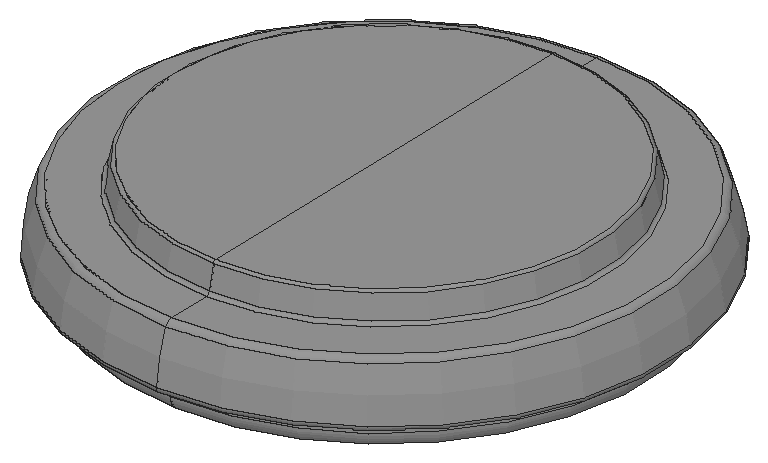
Revit family "FMK11_63_UN_Surface-mounted_ETK", category Lighting Fixtures, Revit 2017 (continued)
Definition of nested family "FMK.1 - Lightsource"
  Types (13, lengths in mm): name | Wattage Comments | Photometric Web File | built-in parameter 1150142 | Apparent Load
    FMK.1139.10 - Ø250x48 / 12W | "12W" | "FMK.1139.10.ies" | "IESNA:LM-63-2002\r\n[TEST] /2015\r\n[TESTLAB] ies2eulumdat.appspot.com\r\n[ISSUEDATE] 2021-06-16T09:00:21.829\r\n[MANUFAC] www.etk.nl\r\n[LUMCAT] FMK.1109.10\r\n[LUMINAIRE] FMK.1 LED 12W 3000/4000/5700K ø250 niet dimbaar\r\n[LAMPCAT] LED\r\n[LAMP] LED\r\nTILT=NONE\r\n1\t1150\t1\t46\t180\t1\t2\t-0.250\t-0.250\t0\r\n1.0\t1.0\t11.80\r\n0\t 2\t 4\t 6\t 8\t 10\t 12\t 14\t 16\t 18\r\n20\t 22\t 24\t 26\t 28\t 30\t 32\t 34\t 36\t 38\r\n40\t 42\t 44\t 46\t 48\t 50\t 52\t 54\t 56\t 58\r\n60\t 62\t 64\t 66\t 68\t 70\t 72\t 74\t 76\t 78\r\n80\t 82\t 84\t 86\t 88\t 90\r\n0\t 2\t 4\t 6\t 8\t 10\t 12\t 14\t 16\t 18\r\n20\t 22\t 24\t 26\t 28\t 30\t 32\t 34\t 36\t 38\r\n40\t 42\t 44\t 46\t 48\t 50\t 52\t 54\t 56\t 58\r\n60\t 62\t 64\t 66\t 68\t 70\t 72\t 74\t 76\t 78\r\n80\t 82\t 84\t 86\t 88\t 90\t 92\t 94\t 96\t 98\r\n100\t 102\t 104\t 106\t 108\t 110\t 112\t 114\t 116\t 118\r\n120\t 122\t 124\t 126\t 128\t 130\t 132\t 134\t 136\t 138\r\n140\t 142\t 144\t 146\t 148\t 150\t 152\t 154\t 156\t 158\r\n160\t 162\t 164\t 166\t 168\t 170\t 172\t 174\t 176\t 178\r\n180\t 182\t 184\t 186\t 188\t 190\t 192\t 194\t 196\t 198\r\n200\t 202\t 204\t 206\t 208\t 210\t 212\t 214\t 216\t 218\r\n220\t 222\t 224\t 226\t 228\t 230\t 232\t 234\t 236\t 238\r\n240\t 242\t 244\t 246\t 248\t 250\t 252\t 254\t 256\t 258\r\n260\t 262\t 264\t 266\t 268\t 270\t 272\t 274\t 276\t 278\r\n280\t 282\t 284\t 286\t 288\t 290\t 292\t 294\t 296\t 298\r\n300\t 302\t 304\t 306\t 308\t 310\t 312\t 314\t 316\t 318\r\n320\t 322\t 324\t 326\t 328\t 330\t 332\t 334\t 336\t 338\r\n340\t 342\t 344\t 346\t 348\t 350\t 352\t 354\t 356\t 358\r\n\r\n405.3384\t404.7765\t404.2265\t402.9975\t401.1013\t399.2051\t395.3191\t391.4331\t387.5471\t383.661\r\n379.7751\t373.4779\t367.169\t360.8717\t354.5746\t348.2657\t339.7094\t331.1415\t322.5852\t314.029\r\n305.461\t294.8096\t284.1582\t273.5069\t262.8555\t252.2041\t239.7267\t227.261\t214.7837\t202.3181\r\n189.8525\t177.3751\t164.9094\t152.432\t139.9664\t127.4891\t0\t0\t0\t0\r\n0\t0\t0\t0\t0\t0\r\n405.3384\t404.7925\t404.2577\t403.0448\t401.1686\t399.2994\t395.4335\t391.5606\t387.7102\t383.8203\r\n379.9334\t373.6444\t367.3443\t361.0453\t354.7325\t348.4388\t339.8983\t331.3616\t322.8117\t314.2627\r\n305.722\t295.0872\t284.4404\t273.8022\t263.1576\t252.5163\t240.0548\t227.5873\t215.131\t202.664\r\n190.1945\t177.7378\t165.2697\t152.8012\t140.3312\t128.1946\t0.3296\t0\t0\t0\r\n0\t0\t0\t0\t0\t0\r\n405.3384\t404.8094\t404.2892\t403.0935\t401.2796\t399.4809\t395.6213\t391.7396\t387.8385\t383.9437\r\n380.072\t373.802\t367.5085\t361.2065\t354.9129\t348.6531\t340.137\t331.5961\t323.0451\t314.5012\r\n305.9895\t295.3818\t284.734\t274.0862\t263.4264\t252.8071\t240.376\t227.9231\t215.4572\t202.995\r\n190.53\t178.0631\t165.6056\t153.1389\t140.6717\t129.4859\t1.3419\t0\t0\t0\r\n0\t0\t0\t0\t0\t0\r\n405.3384\t404.8271\t404.3209\t403.1488\t401.3532\t399.5783\t395.7291\t391.8382\t387.9181\t384.0265\r\n380.1901\t373.9544\t367.6616\t361.3486\t355.0482\t348.8012\t340.3437\t331.8018\t323.2501\t314.6929\r\n306.2129\t295.662\t285.012\t274.3604\t263.7094\t253.1247\t240.74\t228.2758\t215.8122\t203.3491\r\n190.8749\t178.4127\t165.9503\t153.4898\t141.027\t131.3458\t3.1025\t0\t0\t0\r\n0\t0\t0\t0\t0\t0\r\n405.3384\t404.8458\t404.3591\t403.1978\t401.4167\t399.6486\t395.7816\t391.8937\t388.0038\t384.1068\r\n380.2987\t374.1143\t367.817\t361.5156\t355.2003\t348.9967\t340.5979\t332.043\t323.4957\t314.942\r\n306.4955\t295.9896\t285.3021\t274.6328\t263.9659\t253.4202\t241.0823\t228.6129\t216.1591\t203.6915\r\n191.2234\t178.7558\t166.3001\t153.8352\t141.371\t133.6544\t5.718\t0\t0\t0\r\n0\t0\t0\t0\t0\t0\r\n405.3384\t404.8652\t404.3908\t403.2459\t401.4706\t399.6646\t395.8675\t391.9843\t388.0857\t384.1821\r\n380.4316\t374.3456\t368.0256\t361.7021\t355.3697\t349.2\t340.8799\t332.2872\t323.6935\t315.0968\r\n306.6804\t296.3012\t285.6181\t274.9391\t264.248\t253.707\t241.4578\t228.9766\t216.4988\t204.0245\r\n191.5571\t179.0864\t166.6186\t154.1544\t141.6922\t136.24\t9.3369\t0\t0\t0\r\n0\t0\t0\t0\t0\t0\r\n405.3384\t404.8854\t404.4219\t403.2933\t401.5055\t399.7186\t395.9651\t392.0842\t388.1903\t384.3067\r\n380.5784\t374.5562\t368.2162\t361.8639\t355.4958\t349.3364\t341.1183\t332.5123\t323.9013\t315.2964\r\n306.9063\t296.6299\t285.9122\t275.1976\t264.4831\t253.9575\t241.8218\t229.3201\t216.8328\t204.3396\r\n191.8483\t179.3695\t166.8926\t154.4222\t141.9565\t138.8551\t14.1501\t0\t0\t0\r\n0\t0\t0\t0\t0\t0\r\n405.3384\t404.9066\t404.4521\t403.3398\t401.5506\t399.7766\t396.0731\t392.2029\t388.3231\t384.3922\r\n380.6589\t374.7488\t368.3792\t361.9898\t355.5837\t349.4181\t341.3685\t332.7528\t324.1099\t315.4532\r\n307.0598\t296.9581\t286.2249\t275.4731\t264.7159\t254.1799\t242.1928\t229.6762\t217.1659\t204.6692\r\n192.1717\t179.6758\t167.1817\t154.6978\t142.2295\t141.3105\t20.401\t0\t0\t0\r\n0\t0\t0\t0\t0\t0\r\n405.3384\t404.9688\t404.4817\t403.3908\t401.5946\t399.8358\t396.2032\t392.3475\t388.4203\t384.4425\r\n380.7195\t374.9437\t368.5473\t362.1238\t355.6851\t349.5134\t341.9282\t332.9785\t324.3069\t315.6402\r\n306.9436\t297.5694\t286.5262\t275.7395\t264.9593\t254.1623\t242.7912\t230.0358\t217.5005\t204.986\r\n192.4711\t179.9636\t167.4644\t154.9748\t142.4941\t143.2492\t28.3764\t0\t0\t0\r\n0\t0\t0\t0\t0\t0\r\n405.3384\t404.9901\t404.5102\t403.434\t401.6375\t399.8986\t396.3675\t392.4653\t388.4946\t384.4886\r\n380.7515\t375.1532\t368.7296\t362.2829\t355.7949\t349.2691\t342.1908\t333.257\t324.528\t315.7751\r\n307.0363\t297.9246\t286.8722\t276.0236\t265.1733\t254.3419\t243.18\t230.433\t217.8766\t205.3224\r\n192.7845\t180.2462\t167.7206\t155.2142\t142.724\t144.3059\t38.4235\t0\t0\t0\r\n0\t0\t0\t0\t0\t0\r\n405.3384\t405.0108\t404.5376\t403.4745\t401.6757\t399.9613\t396.5103\t392.5677\t388.5717\t384.5293\r\n380.4421\t375.6788\t368.9428\t362.4278\t355.8852\t349.3419\t342.4468\t333.4846\t324.7196\t315.9401\r\n307.1422\t298.1755\t287.1691\t276.2852\t265.4162\t254.5351\t243.54\t230.8321\t218.2158\t205.6051\r\n193.0422\t180.5018\t167.9628\t155.4439\t142.9509\t130.4715\t80.1717\t0\t0\t0\r\n0\t0\t0\t0\t0\t0\r\n405.3384\t405.0308\t404.5638\t403.5122\t401.7197\t400.0344\t396.6479\t392.675\t388.642\t384.5539\r\n380.446\t375.8849\t369.1475\t362.5941\t356.0076\t349.3402\t342.606\t333.7678\t324.9507\t316.0958\r\n307.1888\t298.3823\t287.5427\t276.5987\t265.6547\t254.6769\t243.7733\t231.1892\t218.5583\t205.9536\r\n193.3574\t180.7795\t168.2176\t155.6732\t143.1664\t130.6811\t92.6587\t0\t0\t0\r\n0\t0\t0\t0\t0\t0\r\n405.3384\t405.0504\t404.5956\t403.547\t401.7653\t400.0733\t397.0342\t392.7846\t388.7175\t384.6009\r\n380.4658\t376.0643\t369.3866\t362.7735\t356.0799\t349.3699\t342.7566\t334.0832\t325.1628\t316.2179\r\n307.2752\t298.5357\t287.9146\t276.8913\t265.8705\t254.8646\t244.0337\t231.6235\t218.9315\t206.265\r\n193.6356\t181.0339\t168.4572\t155.9156\t143.3861\t130.8825\t104.473\t0\t0\t0\r\n0\t0\t0\t0\t0\t0\r\n405.3384\t405.0692\t404.6173\t403.5726\t401.812\t400.0922\t397.1653\t392.8976\t388.795\t384.6787\r\n380.4567\t376.1942\t369.6246\t362.9226\t356.2055\t349.4272\t342.8367\t334.3769\t325.3805\t316.3703\r\n307.3625\t298.3377\t288.5546\t277.2123\t266.1258\t255.0391\t244.1559\t232.0335\t219.3073\t206.6258\r\n193.9576\t181.3129\t168.7045\t156.1324\t143.5875\t131.0872\t115.0185\t0\t0\t0\r\n0\t0\t0\t0\t0\t0\r\n405.3384\t405.0876\t404.6362\t403.6022\t401.8688\t399.828\t397.2783\t392.9976\t388.9023\t384.7385\r\n380.4432\t376.2623\t369.8607\t363.1303\t356.3361\t349.4819\t342.5273\t334.9205\t325.6274\t316.563\r\n307.4647\t298.325\t288.8953\t277.552\t266.3836\t255.2249\t244.066\t232.6598\t219.71\t206.9637\r\n194.2635\t181.5828\t168.9417\t156.3369\t143.7678\t131.2452\t123.6219\t0\t0\t0\r\n0\t0\t0\t0\t0\t0\r\n405.3384\t405.1054\t404.6527\t403.6299\t401.9954\t399.8313\t397.3825\t393.1311\t389.0376\t384.7914\r\n380.4256\t376.2601\t370.1442\t363.3441\t356.5\t349.5195\t342.4467\t335.1645\t325.9313\t316.7695\r\n307.548\t298.3169\t289.1161\t277.9297\t266.651\t255.4032\t244.1853\t232.9715\t220.1319\t207.3312\r\n194.5444\t181.8166\t169.148\t156.5181\t143.9438\t131.4005\t129.5504\t10.7169\t0\t0\r\n0\t0\t0\t0\t0\t0\r\n405.3384\t405.1227\t404.6665\t403.6558\t402.0282\t399.8387\t397.4732\t393.2952\t389.1616\t384.8421\r\n380.4176\t375.9014\t370.721\t363.6037\t356.6569\t349.5494\t342.4061\t335.3294\t326.2421\t316.9739\r\n307.6665\t298.3454\t289.1781\t278.2878\t266.963\t255.6467\t244.3238\t233.1536\t220.5163\t207.6577\r\n194.8355\t182.0686\t169.3482\t156.6677\t144.0408\t131.4715\t131.8453\t25.923\t0\t0\r\n0\t0\t0\t0\t0\t0\r\n405.3384\t405.1396\t404.6776\t403.6776\t402.0538\t399.8619\t397.5341\t393.5083\t389.2881\t384.8846\r\n380.4261\t375.832\t370.9139\t363.9038\t356.8028\t349.6355\t342.4017\t335.332\t326.5796\t317.2212\r\n307.8198\t298.3417\t288.8594\t278.9905\t267.339\t255.8866\t244.4302\t233.0061\t221.1259\t208.0094\r\n195.1274\t182.2902\t169.5075\t156.7928\t144.1389\t131.538\t118.9821\t72.5747\t0\t0\r\n0\t0\t0\t0\t0\t0\r\n405.3384\t405.1559\t404.686\t403.7113\t402.0482\t399.882\t397.6063\t393.7003\t389.4083\t384.9648\r\n380.4586\t375.7543\t371.0891\t364.165\t357.0131\t349.7518\t342.4103\t334.9484\t327.1548\t317.4999\r\n307.9709\t298.3923\t288.8332\t279.2321\t267.7019\t256.1485\t244.593\t233.049\t221.4516\t208.379\r\n195.4187\t182.5259\t169.6952\t156.9157\t144.2105\t131.5685\t118.9925\t91.6472\t0\t0\r\n0\t0\t0\t0\t0\t0\r\n405.3384\t405.1718\t404.6918\t403.7304\t402.0748\t399.9057\t397.6713\t393.8957\t389.5114\t385.088\r\n380.4979\t375.7076\t371.0587\t364.4889\t357.2386\t349.9042\t342.4218\t334.8539\t327.2884\t317.8216\r\n308.1836\t298.5219\t288.784\t279.2695\t268.1369\t256.4569\t244.7869\t233.1079\t221.6219\t208.7797\r\n195.7476\t182.7712\t169.842\t157.0084\t144.2669\t131.5897\t118.9856\t106.3522\t0\t0\r\n0\t0\t0\t0\t0\t0\r\n405.3384\t405.1872\t404.677\t403.7455\t402.1069\t399.9332\t397.7438\t394.3242\t389.6719\t385.2237\r\n380.5442\t375.6807\t370.6129\t365.0631\t357.5309\t350.0674\t342.4859\t334.7817\t327.2448\t318.4473\r\n308.4635\t298.6371\t288.784\t278.8955\t268.7927\t256.8209\t244.9966\t233.2361\t221.4851\t209.3772\r\n196.0586\t182.9925\t170.014\t157.1221\t144.303\t131.5659\t118.922\t115.4507\t0.7529\t0\r\n0\t0\t0\t0\t0\t0\r\n405.3384\t405.2023\t404.5924\t403.7567\t402.1445\t399.9518\t397.5215\t394.4699\t389.8906\t385.382\r\n380.6063\t375.6074\t370.4961\t365.1827\t357.8531\t350.2794\t342.5728\t334.767\t326.8088\t318.7303\r\n308.7717\t298.8224\t288.8326\t278.8036\t268.8778\t257.2662\t245.3121\t233.3885\t221.4719\t209.6291\r\n196.4163\t183.2663\t170.1886\t157.217\t144.3317\t131.5459\t118.8227\t106.1876\t17.4697\t0\r\n0\t0\t0\t0\t0\t0\r\n405.3384\t405.217\t404.5944\t403.7643\t402.2164\t399.9969\t397.5215\t394.5348\t390.1198\t385.5481\r\n380.6842\t375.579\t370.3695\t365.1761\t358.5091\t350.5396\t342.7377\t334.7731\t326.7113\t318.7291\r\n309.1553\t299.0695\t288.9289\t278.7193\t268.5571\t257.9194\t245.6422\t233.5555\t221.5159\t209.6959\r\n196.8141\t183.564\t170.3986\t157.3153\t144.3298\t131.4311\t118.6433\t105.963\t65.2493\t0\r\n0\t0\t0\t0\t0\t0\r\n405.3384\t405.2314\t404.597\t403.7683\t402.259\t400.1387\t397.5142\t394.6254\t390.3718\t385.7346\r\n380.7618\t375.6336\t370.2359\t364.7113\t358.7633\t350.8369\t342.942\t334.8576\t326.6208\t318.2983\r\n309.7123\t299.3766\t289.0811\t278.7695\t268.3526\t258.0866\t246.0418\t233.822\t221.6258\t209.5032\r\n197.3492\t183.8918\t170.5912\t157.4067\t144.3357\t131.3476\t118.48\t105.7362\t86.9291\t0\r\n0\t0\t0\t0\t0\t0\r\n405.3384\t405.2454\t404.6007\t403.7691\t402.2969\t400.2013\t397.5194\t394.7022\t390.8756\t385.9297\r\n380.8283\t375.6809\t370.2029\t364.5257\t358.7975\t351.2443\t343.1931\t334.9798\t326.6184\t318.1094\r\n309.6994\t299.7814\t289.3562\t278.8261\t268.235\t257.6488\t246.725\t234.1375\t221.8235\t209.5282\r\n197.4412\t184.2693\t170.8692\t157.5318\t144.3183\t131.2485\t118.3192\t105.4985\t99.8452\t0\r\n0\t0\t0\t0\t0\t0\r\n405.3384\t405.2465\t404.6055\t403.7327\t402.33\t400.28\t397.5374\t394.7758\t391.1064\t386.1222\r\n380.9814\t375.6963\t370.1916\t364.3689\t358.3019\t351.8681\t343.551\t335.1761\t326.6651\t318.0094\r\n309.224\t300.3263\t289.676\t278.9673\t268.2109\t257.4449\t246.79\t234.5954\t222.0662\t209.6096\r\n197.2538\t184.796\t171.1111\t157.6776\t144.3725\t131.1929\t118.1378\t105.2239\t92.4606\t7.417\r\n0\t0\t0\t0\t0\t0\r\n405.3384\t405.26\t404.6117\t403.7331\t402.3583\t400.3318\t397.5727\t394.5667\t391.2865\t386.3445\r\n381.2477\t375.7985\t370.1959\t364.244\t358.0878\t351.9228\t343.9437\t335.4465\t326.8059\t317.9911\r\n309.0489\t300.2024\t290.2985\t279.2004\t268.2951\t257.2789\t246.344\t235.2056\t222.4167\t209.7955\r\n197.2042\t184.8605\t171.4948\t157.9091\t144.4487\t131.1247\t117.9609\t104.9565\t92.1149\t52.9313\r\n0\t0\t0\t0\t0\t0\r\n405.3384\t405.2736\t404.6193\t403.7351\t402.3811\t400.3748\t397.6302\t394.5872\t391.3781\t386.8119\r\n381.4951\t375.9993\t370.2514\t364.1293\t357.9116\t351.3889\t344.5079\t335.822\t327.0416\t318.0736\r\n308.9557\t299.6921\t290.3569\t279.5927\t268.421\t257.3226\t246.1\t234.903\t222.8814\t210.0311\r\n197.2958\t184.6475\t172.0079\t158.165\t144.5452\t131.0796\t117.7978\t104.7315\t91.8426\t76.8551\r\n0\t0\t0\t0\t0\t0\r\n405.3384\t405.2871\t404.6284\t403.7382\t402.383\t400.4092\t397.8019\t394.6157\t391.382\t386.9759\r\n381.7537\t376.2214\t370.3501\t364.1175\t357.7917\t351.1064\t344.4201\t336.5393\t327.3814\t318.2587\r\n308.9705\t299.4656\t289.8818\t280.0753\t268.8078\t257.4031\t245.984\t234.5829\t223.2864\t210.4452\r\n197.4796\t184.6232\t171.8738\t158.4916\t144.6856\t131.1101\t117.7175\t104.5034\t91.5471\t87.0893\r\n0\t0\t0\t0\t0\t0\r\n405.3384\t405.3008\t404.6392\t403.7418\t402.3989\t400.4352\t397.8747\t394.6614\t391.0674\t387.1128\r\n382.2229\t376.4632\t370.4832\t364.2203\t357.7251\t350.8963\t343.8101\t336.6669\t327.8215\t318.561\r\n309.1145\t299.4337\t289.6313\t279.6987\t269.4041\t257.6346\t246.0417\t234.3777\t222.7877\t211.0609\r\n197.8041\t184.6956\t171.7174\t158.9026\t144.9461\t131.1605\t117.657\t104.3263\t91.2411\t78.3968\r\n8.6356\t0\t0\t0\t0\t0\r\n405.3384\t405.3146\t404.6518\t403.7453\t402.4116\t400.4333\t397.9374\t394.7255\t391.0189\t387.2362\r\n382.4741\t376.7553\t370.621\t364.3583\t357.712\t350.7498\t343.5434\t336.0689\t328.3754\t318.9975\r\n309.3575\t299.5473\t289.484\t279.3984\t269.2587\t258.261\t246.2079\t234.3624\t222.4746\t210.6739\r\n198.3975\t184.9162\t171.7187\t158.643\t145.2545\t131.3415\t117.6016\t104.16\t90.981\t78.0548\r\n54.1337\t0\t0\t0\t0\t0\r\n405.3384\t405.4889\t404.6945\t403.6712\t402.4205\t400.4506\t397.9834\t394.8928\t390.9998\t386.973\r\n382.6577\t377.3141\t370.8707\t364.5641\t357.7877\t350.7046\t343.3801\t335.7208\t327.8525\t319.6767\r\n309.7968\t299.7787\t289.6134\t279.2245\t268.6962\t258.2578\t246.6038\t234.4814\t222.3847\t210.2821\r\n198.4381\t185.3347\t171.8446\t158.564\t145.4985\t131.5442\t117.6455\t104.0124\t90.7095\t77.7184\r\n71.0115\t0\t0\t0\t0\t0\r\n405.3384\t405.5009\t404.7104\t403.6809\t402.4254\t400.4644\t398.0198\t394.9896\t391.014\t386.9406\r\n382.6666\t377.537\t371.2201\t364.837\t357.9545\t350.7593\t343.2926\t335.5022\t327.46\t319.1538\r\n310.4783\t300.1684\t289.8497\t279.2431\t268.5397\t257.661\t246.8589\t234.8353\t222.4783\t210.092\r\n197.8192\t185.7046\t172.2109\t158.5712\t145.1721\t131.9025\t117.7262\t103.9048\t90.5045\t77.4349\r\n64.724\t0\t0\t0\t0\t0\r\n405.3384\t405.512\t404.7274\t403.6949\t402.4256\t400.4737\t398.0459\t395.0319\t391.1349\t386.9314\r\n382.368\t377.565\t371.7894\t365.1647\t358.2122\t350.925\t343.2805\t335.4297\t327.1908\t318.7224\r\n309.9642\t300.886\t290.2777\t279.5029\t268.5805\t257.4726\t246.2239\t235.0727\t222.7881\t210.1727\r\n197.5617\t185.0625\t172.6371\t158.8143\t145.0846\t131.6118\t117.8827\t103.9322\t90.3265\t77.1744\r\n64.48\t35.0653\t0\t0\t0\t0\r\n405.3384\t405.522\t404.7455\t403.7452\t402.4209\t400.4773\t398.0588\t395.0488\t391.1753\t387.0135\r\n382.3352\t377.2242\t371.9159\t365.7147\t358.5534\t351.2243\t343.4254\t335.4792\t327.0606\t318.4772\r\n309.4696\t300.3065\t290.8705\t280.0089\t268.8629\t257.5392\t246.0377\t234.4621\t222.8965\t210.6316\r\n197.5873\t184.7291\t171.9505\t159.2993\t145.2866\t131.4601\t118.0115\t103.9741\t90.2222\t76.9361\r\n64.1798\t56.618\t0\t0\t0\t0\r\n405.3384\t405.5308\t404.7649\t403.7651\t402.3395\t400.4737\t398.0593\t395.0424\t391.207\t387.0567\r\n382.3506\t377.1527\t371.6378\t365.821\t359.1154\t351.6039\t343.7387\t335.6237\t327.116\t318.3892\r\n309.185\t299.8538\t290.1589\t280.4669\t269.6277\t257.8645\t246.1541\t234.2897\t222.3665\t210.3175\r\n198.0481\t184.7232\t171.6272\t158.6683\t145.768\t131.577\t117.6798\t104.1455\t90.1031\t76.7097\r\n63.9092\t51.7004\t0\t0\t0\t0\r\n405.3384\t405.5388\t404.7856\t403.7878\t402.34\t400.4766\t398.0469\t395.016\t391.2276\t387.086\r\n382.4782\t377.1848\t371.6139\t365.5258\t359.2193\t352.1252\t344.383\t335.9209\t327.3527\t318.4608\r\n309.1505\t299.601\t289.7392\t279.6691\t269.2868\t258.5846\t246.5891\t234.456\t222.2595\t209.9698\r\n197.5743\t185.146\t171.655\t158.2647\t145.101\t132.0467\t117.7168\t103.7776\t90.1162\t76.5416\r\n63.6537\t51.4481\t11.4644\t0\t0\t0\r\n405.3384\t405.5455\t404.8079\t403.8136\t402.3469\t400.3632\t398.021\t394.9736\t391.2361\t387.0991\r\n382.4999\t377.3413\t371.7228\t365.4801\t358.9167\t352.0852\t344.7107\t336.4982\t327.7775\t318.7203\r\n309.3167\t299.5744\t289.5996\t279.3072\t268.7148\t257.8887\t247.047\t235.2639\t222.5436\t209.9771\r\n197.2699\t184.5597\t171.885\t158.2865\t144.6692\t131.337\t118.1829\t103.7905\t89.9666\t76.4265\r\n63.4089\t51.1676\t44.0861\t0\t0\t0\r\n405.3384\t405.5513\t404.9774\t403.8429\t402.3609\t400.3505\t397.8886\t394.8898\t391.2407\t387.0953\r\n382.4979\t377.3824\t371.7634\t365.5989\t358.905\t351.812\t344.4396\t336.63\t328.3847\t319.3177\r\n309.7407\t299.8087\t289.728\t279.2246\t268.459\t257.4328\t246.1417\t234.7065\t223.2024\t210.4254\r\n197.4644\t184.3923\t171.2764\t158.1367\t144.9817\t130.9885\t117.4819\t104.1949\t89.9202\t76.3115\r\n63.1698\t50.8615\t39.4911\t0\t0\t0\r\n405.3384\t405.5559\t404.9992\t403.8756\t402.382\t400.349\t397.8573\t394.7468\t391.2145\t387.0848\r\n382.4587\t377.3893\t371.7642\t365.6347\t359.0468\t351.9462\t344.3869\t336.3706\t328.1386\t319.4674\r\n310.3444\t300.4744\t290.1739\t279.4322\t268.5321\t257.3547\t245.836\t234.1207\t222.3374\t210.1954\r\n198.078\t184.7804\t171.3331\t157.8412\t144.3958\t131.1966\t117.2105\t103.4803\t90.2145\t76.2405\r\n62.9998\t50.5463\t39.207\t5.7837\t0\t0\r\n405.
